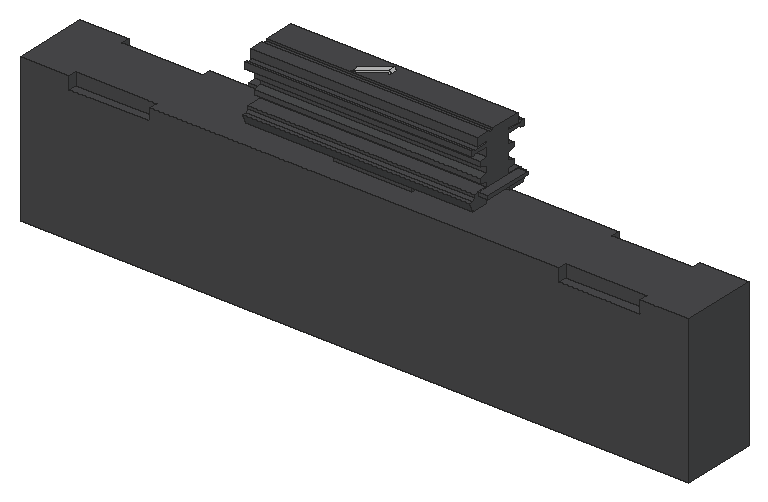
Revit family "DOT SINGLE HEAD RAIL 328_DTM15W3.5.24", category Luminarias, Revit 2019
Family settings
  Cota de conector redondo = Diámetro de uso
  Tipo de pieza = Normal
  Se basa en plano de trabajo = Sí
  Siempre vertical = Sí
  Corte con vacíos al cargar = No
  Origen de luz = Sí
  Compartido = No
  Punto de cálculo de habitación = No
Parameters (values of type "DOT SINGLE HEAD RAIL 328_DTM15W3.5.24")
  Ángulo de inclinación = 60.00°
  Zone [instance] = ""
  Watt per fixture = 15
  Wattage = 15 W
  built-in parameter 1150107 = 3000 (stored number, unit not read)
  built-in parameter 1150110 = 1 (stored number, unit not read)
  built-in parameter 1150109 = 1 (stored number, unit not read)
  built-in parameter 1150112 = 1 (stored number, unit not read)
  built-in parameter 1150113 = 1 (stored number, unit not read)
  built-in parameter 1114218 = 1 (stored number, unit not read)
  Keynote = ""
  built-in parameter 1150137 = (empty or 0)
  built-in parameter 1150132 = (empty or 0)
  Modelo = "DTM15W3.5.24"
  Lámpara = "3030SMD PHILIPS"
  built-in parameter 1150105 = 102.65 (stored number, unit not read)
  built-in parameter 1150102 = (empty or 0)
  built-in parameter 1150106 = 1.0265 (stored number, unit not read)
  Lumens = 1290 lm
  Color Filter = 16777215
  built-in parameter 1114217 = 1 (stored number, unit not read)
  built-in parameter 1150139 = (empty or 0)
  Fabricante = "BRILLANT"
  Default Elevation = 1219.2 mm
  built-in parameter 1150104 = 7.9897 (stored number, unit not read)
  Descripción = "LUMINARIA DOWNLIGHT EN FORMATO RECTANGULAR COMPATIBLE CON RIEL DE 6 ENTRADAS Y 3 CIRCUITOS CON CABEZAL PARA PODER DIRIGIR LA LUMINARIA HASTA 30 GRADOS, CUERPO DE ALUMINIO ACABADO EN COLOR NEGRO, IP 20, PESO 0.86Kg, TIPO DE LED 3030SMD PHILIPS CON 15W TOTAL, 1300 LUMENES, 86LM/W, IRC 90, TEMPERATURA EN BLANCO CALIDO 3000K, 50 MIL HORAS DE VIDA PROMEDIO, APERTURA DE 24 GRADOS EN STOCK, ALIMENTADO A 90-240V"
  built-in parameter 1150115 = 1 (stored number, unit not read)
  built-in parameter 1150114 = 1 (stored number, unit not read)
  Comentarios de vataje = "90-240V"
  built-in parameter 1150138 = (empty or 0)
  built-in parameter 1150134 = (empty or 0)
  Circuit [instance] = ""
  Dimming Lamp Color Temperature Shift = (empty or 0)
  Archivo de red fotométrica = "L328A-15W-830-B-24_IESNA95.IES"
  built-in parameter 1150133 = 10 (stored number, unit not read)
Reference planes
  plane 1 "Centro (Frontal/Posterior)": y = 0
  plane 2: z = 0
  plane 3 "Centro (Izquierda/Derecha)": x = 0
Forms (mm)
  Extrusion 1, solid, material "Default Form"
    sketch origin (0, 0, 0) x (1, 0, 0) y (0, 0, 1)
      loop
        line (-164, 0) -> (-164, -72) -> (164, -72) -> (164, 0) -> (-164, 0)
    from -18.326 to 18.326
  Blend 2, void
    base sketch origin (0, 0, 0) x (1, 0, 0) y (0, 1, 0)
      loop
        line (-162, 16.149) -> (-162, -16.149) -> (-144.14, -16.149) -> (-144.14, 16.149) -> (-162, 16.149)
    top sketch origin (0, 0, 0) x (1, 0, 0) y (0, 1, 0)
      loop
        line (-160, 12.149) -> (-160, -12.149) -> (-146.14, -12.149) -> (-146.14, 12.149) -> (-160, 12.149)
    from -72 to -61.591
  Blend 3, void
    base sketch origin (21.86, 0, 0) x (1, 0, 0) y (0, 1, 0)
      loop
        line (-162, 16.149) -> (-162, -16.149) -> (-144.14, -16.149) -> (-144.14, 16.149) -> (-162, 16.149)
    top sketch origin (21.86, 0, 0) x (1, 0, 0) y (0, 1, 0)
      loop
        line (-160, 12.149) -> (-160, -12.149) -> (-146.14, -12.149) -> (-146.14, 12.149) -> (-160, 12.149)
    from -72 to -61.591
  Blend 4, void
    base sketch origin (43.72, 0, 0) x (1, 0, 0) y (0, 1, 0)
      loop
        line (-162, 16.149) -> (-162, -16.149) -> (-144.14, -16.149) -> (-144.14, 16.149) -> (-162, 16.149)
    top sketch origin (43.72, 0, 0) x (1, 0, 0) y (0, 1, 0)
      loop
        line (-160, 12.149) -> (-160, -12.149) -> (-146.14, -12.149) -> (-146.14, 12.149) -> (-160, 12.149)
    from -72 to -61.591
  Blend 5, void
    base sketch origin (65.58, 0, 0) x (1, 0, 0) y (0, 1, 0)
      loop
        line (-162, 16.149) -> (-162, -16.149) -> (-144.14, -16.149) -> (-144.14, 16.149) -> (-162, 16.149)
    top sketch origin (65.58, 0, 0) x (1, 0, 0) y (0, 1, 0)
      loop
        line (-160, 12.149) -> (-160, -12.149) -> (-146.14, -12.149) -> (-146.14, 12.149) -> (-160, 12.149)
    from -72 to -61.591
  Blend 6, void
    base sketch origin (87.44, 0, 0) x (1, 0, 0) y (0, 1, 0)
      loop
        line (-162, 16.149) -> (-162, -16.149) -> (-144.14, -16.149) -> (-144.14, 16.149) -> (-162, 16.149)
    top sketch origin (87.44, 0, 0) x (1, 0, 0) y (0, 1, 0)
      loop
        line (-160, 12.149) -> (-160, -12.149) -> (-146.14, -12.149) -> (-146.14, 12.149) -> (-160, 12.149)
    from -72 to -61.591
  Blend 7, void
    base sketch origin (109.3, 0, 0) x (1, 0, 0) y (0, 1, 0)
      loop
        line (-162, 16.149) -> (-162, -16.149) -> (-144.14, -16.149) -> (-144.14, 16.149) -> (-162, 16.149)
    top sketch origin (109.3, 0, 0) x (1, 0, 0) y (0, 1, 0)
      loop
        line (-160, 12.149) -> (-160, -12.149) -> (-146.14, -12.149) -> (-146.14, 12.149) -> (-160, 12.149)
    from -72 to -61.591
  Blend 8, void
    base sketch origin (131.16, 0, 0) x (1, 0, 0) y (0, 1, 0)
      loop
        line (-162, 16.149) -> (-162, -16.149) -> (-144.14, -16.149) -> (-144.14, 16.149) -> (-162, 16.149)
    top sketch origin (131.16, 0, 0) x (1, 0, 0) y (0, 1, 0)
      loop
        line (-160, 12.149) -> (-160, -12.149) -> (-146.14, -12.149) -> (-146.14, 12.149) -> (-160, 12.149)
    from -72 to -61.591
  Blend 9, void
    base sketch origin (153.02, 0, 0) x (1, 0, 0) y (0, 1, 0)
      loop
        line (-162, 16.149) -> (-162, -16.149) -> (-144.14, -16.149) -> (-144.14, 16.149) -> (-162, 16.149)
    top sketch origin (153.02, 0, 0) x (1, 0, 0) y (0, 1, 0)
      loop
        line (-160, 12.149) -> (-160, -12.149) -> (-146.14, -12.149) -> (-146.14, 12.149) -> (-160, 12.149)
    from -72 to -61.591
  Blend 10, void
    base sketch origin (174.88, 0, 0) x (1, 0, 0) y (0, 1, 0)
      loop
        line (-162, 16.149) -> (-162, -16.149) -> (-144.14, -16.149) -> (-144.14, 16.149) -> (-162, 16.149)
    top sketch origin (174.88, 0, 0) x (1, 0, 0) y (0, 1, 0)
      loop
        line (-160, 12.149) -> (-160, -12.149) -> (-146.14, -12.149) -> (-146.14, 12.149) -> (-160, 12.149)
    from -72 to -61.591
  Blend 11, void
    base sketch origin (196.74, 0, 0) x (1, 0, 0) y (0, 1, 0)
      loop
        line (-162, 16.149) -> (-162, -16.149) -> (-144.14, -16.149) -> (-144.14, 16.149) -> (-162, 16.149)
    top sketch origin (196.74, 0, 0) x (1, 0, 0) y (0, 1, 0)
      loop
        line (-160, 12.149) -> (-160, -12.149) -> (-146.14, -12.149) -> (-146.14, 12.149) -> (-160, 12.149)
    from -72 to -61.591
  Blend 12, void
    base sketch origin (218.6, 0, 0) x (1, 0, 0) y (0, 1, 0)
      loop
        line (-162, 16.149) -> (-162, -16.149) -> (-144.14, -16.149) -> (-144.14, 16.149) -> (-162, 16.149)
    top sketch origin (218.6, 0, 0) x (1, 0, 0) y (0, 1, 0)
      loop
        line (-160, 12.149) -> (-160, -12.149) -> (-146.14, -12.149) -> (-146.14, 12.149) -> (-160, 12.149)
    from -72 to -61.591
  Blend 13, void
    base sketch origin (240.46, 0, 0) x (1, 0, 0) y (0, 1, 0)
      loop
        line (-162, 16.149) -> (-162, -16.149) -> (-144.14, -16.149) -> (-144.14, 16.149) -> (-162, 16.149)
    top sketch origin (240.46, 0, 0) x (1, 0, 0) y (0, 1, 0)
      loop
        line (-160, 12.149) -> (-160, -12.149) -> (-146.14, -12.149) -> (-146.14, 12.149) -> (-160, 12.149)
    from -72 to -61.591
  Blend 14, void
    base sketch origin (262.32, 0, 0) x (1, 0, 0) y (0, 1, 0)
      loop
        line (-162, 16.149) -> (-162, -16.149) -> (-144.14, -16.149) -> (-144.14, 16.149) -> (-162, 16.149)
    top sketch origin (262.32, 0, 0) x (1, 0, 0) y (0, 1, 0)
      loop
        line (-160, 12.149) -> (-160, -12.149) -> (-146.14, -12.149) -> (-146.14, 12.149) -> (-160, 12.149)
    from -72 to -61.591
  Blend 15, void
    base sketch origin (284.18, 0, 0) x (1, 0, 0) y (0, 1, 0)
      loop
        line (-162, 16.149) -> (-162, -16.149) -> (-144.14, -16.149) -> (-144.14, 16.149) -> (-162, 16.149)
    top sketch origin (284.18, 0, 0) x (1, 0, 0) y (0, 1, 0)
      loop
        line (-160, 12.149) -> (-160, -12.149) -> (-146.14, -12.149) -> (-146.14, 12.149) -> (-160, 12.149)
    from -72 to -61.591
  Blend 16, void
    base sketch origin (306.04, 0, 0) x (1, 0, 0) y (0, 1, 0)
      loop
        line (-162, 16.149) -> (-162, -16.149) -> (-144.14, -16.149) -> (-144.14, 16.149) -> (-162, 16.149)
    top sketch origin (306.04, 0, 0) x (1, 0, 0) y (0, 1, 0)
      loop
        line (-160, 12.149) -> (-160, -12.149) -> (-146.14, -12.149) -> (-146.14, 12.149) -> (-160, 12.149)
    from -72 to -61.591
  Extrusion 17, solid, material "Default Form"
    sketch origin (-55.628, 0, 7.5) x (0, 1, 0) y (0, 0, 1)
      loop
        line (-7.273, 1.74) -> (7.273, 1.74) -> (7.273, 0) -> (15.231, 0) -> (17.006, 4.494) -> (15.021, 4.494) -> (14.058, 5.868) -> (14.058, 7.166) -> (6.473, 7.166) -> (6.473, 9.324) -> (10.169, 10.163) -> (10.169, 12.464) -> (6.473, 13.302) -> (6.473, 16.66) -> (10.169, 17.499) -> (10.169, 19.8) -> (6.473, 20.638) -> (6.473, 25.016) -> (13.839, 25.016) -> (14.514, 24.341) -> (15.775, 24.341) -> (15.775, 27.171) -> (14.73, 27.171) -> (14.058, 26.499) -> (6.473, 26.499) -> (6.473, 27.299) -> (12.377, 27.299) -> (12.377, 31.471) -> (-2.744, 31.471) -> (-2.744, 30.671) -> (-5.514, 30.671) -> (-5.514, 31.471) -> (-12.377, 31.471) -> (-12.377, 27.299) -> (-6.473, 27.299) -> (-6.473, 26.499) -> (-14.058, 26.499) -> (-14.73, 27.171) -> (-15.775, 27.171) -> (-15.775, 24.341) -> (-14.514, 24.341) -> (-13.839, 25.016) -> (-6.473, 25.016) -> (-6.473, 20.638) -> (-10.169, 19.8) -> (-10.169, 17.499) -> (-6.473, 16.66) -> (-6.473, 13.302) -> (-10.169, 12.464) -> (-10.169, 10.163) -> (-6.473, 9.324) -> (-6.473, 7.166) -> (-14.058, 7.166) -> (-14.058, 5.868) -> (-15.021, 4.494) -> (-17.006, 4.494) -> (-15.231, 0) -> (-7.273, 0) -> (-7.273, 1.74)
    from 0 to 111.256
  Extrusion 18, solid, material "Default Form"
    sketch origin (0, 0, 0) x (1, 0, 0) y (0, 1, 0)
      loop
        line (-19.12, 6.873) -> (-19.12, -6.873) -> (19.12, -6.873) -> (19.12, 6.873) -> (-19.12, 6.873)
    from 0 to 2.67
  Extrusion 19, solid, material "Default Form"
    sketch origin (0, 0, 0) x (1, 0, 0) y (0, 1, 0)
      loop
        line (-10.93, 3.188) -> (-10.93, -3.188) -> (10.93, -3.188) -> (10.93, 3.188) -> (-10.93, 3.188)
    from 2.67 to 7.5
  Extrusion 20, void
    sketch origin (0, 0, 0) x (1, 0, 0) y (0, 1, 0)
      loop
        line (-140.14, 18.326) -> (-140.14, 14.276) -> (-100.42, 14.276) -> (-100.42, 18.326) -> (-140.14, 18.326)
      loop
        line (-140.14, -18.326) -> (-100.42, -18.326) -> (-100.42, -14.276) -> (-140.14, -14.276) -> (-140.14, -18.326)
      loop
        line (140.14, -18.326) -> (140.14, -14.276) -> (100.42, -14.276) -> (100.42, -18.326) -> (140.14, -18.326)
      loop
        line (140.14, 18.326) -> (100.42, 18.326) -> (100.42, 14.276) -> (140.14, 14.276) -> (140.14, 18.326)
    from -6.015 to 0
  Extrusion 21, solid, material "Acero Inoxidable"
    sketch origin (0, -1.594, 0) x (1, 0, 0) y (0, 0, -1)
      loop
        line (-15, -38.971) -> (3.794, -45.811) -> (4.341, -44.308) -> (3.589, -44.034) -> (3.316, -44.786) -> (-12.661, -38.971) -> (-15, -38.971)
    from 0 to 3.188
  Extrusion 22, solid, material "Default Form"
    sketch origin (0, 0, 0) x (1, 0, 0) y (0, 1, 0)
      loop
        line (-55.628, 6.473) -> (-66.331, 6.473) -> (-66.331, 0) -> (-55.628, 0) -> (-55.628, 6.473)
      loop
        line (55.628, 12.377) -> (55.628, -12.149) -> (60.628, -12.149) -> (60.628, 12.377) -> (55.628, 12.377)
    from 13.368 to 15
Cuts and joins
  Blend 2, Blend 3, Blend 4, Blend 5, Blend 6, Blend 7, Blend 8, Blend 9, Blend 10, Blend 11, Blend 12, Blend 13, Blend 14, Blend 15, Blend 16, Extrusion 20 cuts Extrusion 1
Dimensions and locks
  equal spacing: Extrusion 1, plane 1 "Centro (Frontal/Posterior)", Extrusion 1
  Extrusion 1 to plane 1 "Centro (Frontal/Posterior)" = 18.326 mm
  Extrusion 1 to Extrusion 1 = 36.651 mm
  Extrusion 1 to Extrusion 1 = 72 mm
  Extrusion 1 to Extrusion 1 = 328 mm
  equal spacing: group 1, group 2, group 3, group 4, group 5, group 6, group 7, group 8, group 9, group 10, group 11, group 12, group 13, group 14  (x3)
  cut or joined group 1 (Extrusion 1, Blend 2, Blend 3, Blend 4, Blend 5, Blend 6, Blend 7, Blend 8, Blend 9, Blend 10, Blend 11, Blend 12, Blend 13, Blend 14, Blend 15, Blend 16, Extrusion 20) to cut or joined group 1 = 72 mm
  cut or joined group 1 to cut or joined group 1 = 36.651 mm
  cut or joined group 1 to cut or joined group 1 = 328 mm
  equal spacing: cut or joined group 1, plane 1 "Centro (Frontal/Posterior)", cut or joined group 1
  locked: cut or joined group 1 to cut or joined group 1 at 23.86  (x2)
  aligned and locked: level to plane 2
  aligned and locked: Extrusion 19 to Extrusion 17
  aligned and locked: Extrusion 19 to Extrusion 18
Automatic sketch dimensions
  Blend 3 sketch curve to Blend 3 sketch curve = 17.86 mm
  Blend 3 sketch curve to Blend 3 sketch curve = 13.86 mm
  Blend 3 sketch curve to Blend 3 sketch curve = 32.298 mm
  Blend 3 sketch curve to Blend 3 sketch curve = 24.298 mm
  Blend 4 sketch curve to Blend 4 sketch curve = 17.86 mm
  Blend 4 sketch curve to Blend 4 sketch curve = 13.86 mm
  Blend 4 sketch curve to Blend 4 sketch curve = 32.298 mm
  Blend 4 sketch curve to Blend 4 sketch curve = 24.298 mm
  Blend 5 sketch curve to Blend 5 sketch curve = 17.86 mm
  Blend 5 sketch curve to Blend 5 sketch curve = 13.86 mm
  Blend 5 sketch curve to Blend 5 sketch curve = 32.298 mm
  Blend 5 sketch curve to Blend 5 sketch curve = 24.298 mm
  Blend 6 sketch curve to Blend 6 sketch curve = 17.86 mm
  Blend 6 sketch curve to Blend 6 sketch curve = 13.86 mm
  Blend 6 sketch curve to Blend 6 sketch curve = 32.298 mm
  Blend 6 sketch curve to Blend 6 sketch curve = 24.298 mm
  Blend 7 sketch curve to Blend 7 sketch curve = 17.86 mm
  Blend 7 sketch curve to Blend 7 sketch curve = 13.86 mm
  Blend 7 sketch curve to Blend 7 sketch curve = 32.298 mm
  Blend 7 sketch curve to Blend 7 sketch curve = 24.298 mm
  Blend 8 sketch curve to Blend 8 sketch curve = 17.86 mm
  Blend 8 sketch curve to Blend 8 sketch curve = 13.86 mm
  Blend 8 sketch curve to Blend 8 sketch curve = 32.298 mm
  Blend 8 sketch curve to Blend 8 sketch curve = 24.298 mm
  Blend 9 sketch curve to Blend 9 sketch curve = 17.86 mm
  Blend 9 sketch curve to Blend 9 sketch curve = 13.86 mm
  Blend 9 sketch curve to Blend 9 sketch curve = 32.298 mm
  Blend 9 sketch curve to Blend 9 sketch curve = 24.298 mm
  Blend 10 sketch curve to Blend 10 sketch curve = 17.86 mm
  Blend 10 sketch curve to Blend 10 sketch curve = 13.86 mm
  Blend 10 sketch curve to Blend 10 sketch curve = 32.298 mm
  Blend 10 sketch curve to Blend 10 sketch curve = 24.298 mm
  Blend 11 sketch curve to Blend 11 sketch curve = 17.86 mm
  Blend 11 sketch curve to Blend 11 sketch curve = 13.86 mm
  Blend 11 sketch curve to Blend 11 sketch curve = 32.298 mm
  Blend 11 sketch curve to Blend 11 sketch curve = 24.298 mm
  Blend 12 sketch curve to Blend 12 sketch curve = 17.86 mm
  Blend 12 sketch curve to Blend 12 sketch curve = 13.86 mm
  Blend 12 sketch curve to Blend 12 sketch curve = 32.298 mm
  Blend 12 sketch curve to Blend 12 sketch curve = 24.298 mm
  Blend 13 sketch curve to Blend 13 sketch curve = 17.86 mm
  Blend 13 sketch curve to Blend 13 sketch curve = 13.86 mm
  Blend 13 sketch curve to Blend 13 sketch curve = 32.298 mm
  Blend 13 sketch curve to Blend 13 sketch curve = 24.298 mm
  Blend 14 sketch curve to Blend 14 sketch curve = 17.86 mm
  Blend 14 sketch curve to Blend 14 sketch curve = 13.86 mm
  Blend 14 sketch curve to Blend 14 sketch curve = 32.298 mm
  Blend 14 sketch curve to Blend 14 sketch curve = 24.298 mm
  Blend 15 sketch curve to Blend 15 sketch curve = 17.86 mm
  Blend 15 sketch curve to Blend 15 sketch curve = 13.86 mm
  Blend 15 sketch curve to Blend 15 sketch curve = 32.298 mm
  Blend 15 sketch curve to Blend 15 sketch curve = 24.298 mm
  Blend 16 sketch curve to Blend 16 sketch curve = 17.86 mm
  Blend 16 sketch curve to Blend 16 sketch curve = 13.86 mm
  Blend 16 sketch curve to Blend 16 sketch curve = 32.298 mm
  Blend 16 sketch curve to Blend 16 sketch curve = 24.298 mm
  Extrusion 1 sketch curve to level = 0 mm
  Extrusion 1 sketch curve to level = 72 mm
  Extrusion 1 sketch curve to plane 3 "Centro (Izquierda/Derecha)" = 164 mm
  plane 3 "Centro (Izquierda/Derecha)" to Extrusion 1 sketch curve = 164 mm
  Blend 2 sketch curve to plane 1 "Centro (Frontal/Posterior)" = 16.149 mm
  Blend 2 sketch curve to plane 3 "Centro (Izquierda/Derecha)" = 162 mm
  Blend 2 sketch curve to Blend 2 sketch curve = 17.86 mm
  plane 1 "Centro (Frontal/Posterior)" to Blend 2 sketch curve = 16.149 mm
  Blend 2 sketch curve to plane 1 "Centro (Frontal/Posterior)" = 12.149 mm
  Blend 2 sketch curve to plane 3 "Centro (Izquierda/Derecha)" = 160 mm
  Blend 2 sketch curve to Blend 2 sketch curve = 13.86 mm
  plane 1 "Centro (Frontal/Posterior)" to Blend 2 sketch curve = 12.149 mm
  plane 1 "Centro (Frontal/Posterior)" to Extrusion 17 sketch curve = 17.006 mm
  plane 1 "Centro (Frontal/Posterior)" to Extrusion 17 sketch curve = 15.775 mm
  level to Extrusion 17 sketch curve = 7.5 mm  (x2)
  Extrusion 17 sketch curve to Extrusion 17 sketch curve = 1.775 mm
  Extrusion 17 sketch curve to Extrusion 17 sketch curve = 1.985 mm  (x2)
  Extrusion 17 sketch curve to Extrusion 17 sketch curve = 1.045 mm
  Extrusion 17 sketch curve to Extrusion 17 sketch curve = 1.261 mm  (x2)
  Extrusion 17 sketch curve to Extrusion 17 sketch curve = 0.963 mm  (x2)
  Extrusion 17 sketch curve to Extrusion 17 sketch curve = 0.672 mm  (x4)
  Extrusion 17 sketch curve to Extrusion 17 sketch curve = 0.675 mm  (x3)
  Extrusion 17 sketch curve to Extrusion 17 sketch curve = 2.354 mm
  Extrusion 17 sketch curve to Extrusion 17 sketch curve = 4.345 mm
  Extrusion 17 sketch curve to Extrusion 17 sketch curve = 3.89 mm  (x2)
  plane 1 "Centro (Frontal/Posterior)" to Extrusion 17 sketch curve = 7.273 mm
  Extrusion 17 sketch curve to Extrusion 17 sketch curve = 3.696 mm  (x4)
  Extrusion 17 sketch curve to Extrusion 17 sketch curve = 5.904 mm  (x2)
  Extrusion 17 sketch curve to Extrusion 17 sketch curve = 0 mm  (x3)
  Extrusion 17 sketch curve to Extrusion 17 sketch curve = 0.959 mm
  plane 1 "Centro (Frontal/Posterior)" to Extrusion 17 sketch curve = 2.744 mm
  Extrusion 17 sketch curve to plane 1 "Centro (Frontal/Posterior)" = 6.473 mm  (x2)
  Extrusion 17 sketch curve to Extrusion 17 sketch curve = 0.8 mm  (x3)
  Extrusion 17 sketch curve to Extrusion 17 sketch curve = 1.462 mm
  Extrusion 17 sketch curve to Extrusion 17 sketch curve = 0.22 mm
  Extrusion 17 sketch curve to Extrusion 17 sketch curve = 0.21 mm
  Extrusion 17 sketch curve to Extrusion 17 sketch curve = 1.74 mm
  Extrusion 17 sketch curve to Extrusion 17 sketch curve = 4.494 mm  (x2)
  Extrusion 17 sketch curve to Extrusion 17 sketch curve = 1.375 mm  (x2)
  Extrusion 17 sketch curve to Extrusion 17 sketch curve = 5.426 mm  (x2)
  Extrusion 17 sketch curve to Extrusion 17 sketch curve = 2.158 mm  (x2)
  Extrusion 17 sketch curve to Extrusion 17 sketch curve = 0.839 mm  (x8)
  Extrusion 17 sketch curve to Extrusion 17 sketch curve = 2.301 mm  (x4)
  Extrusion 17 sketch curve to Extrusion 17 sketch curve = 3.358 mm  (x2)
  Extrusion 17 sketch curve to Extrusion 17 sketch curve = 4.541 mm  (x2)
  Extrusion 17 sketch curve to Extrusion 17 sketch curve = 4.378 mm
  Extrusion 17 sketch curve to Extrusion 17 sketch curve = 1.483 mm  (x2)
  Extrusion 17 sketch curve to Extrusion 17 sketch curve = 3.372 mm
  Extrusion 17 sketch curve to Extrusion 17 sketch curve = 4.172 mm  (x2)
  plane 1 "Centro (Frontal/Posterior)" to Extrusion 18 sketch curve = 6.873 mm
  Extrusion 18 sketch curve to plane 3 "Centro (Izquierda/Derecha)" = 19.12 mm
  plane 3 "Centro (Izquierda/Derecha)" to Extrusion 18 sketch curve = 19.12 mm
  Extrusion 18 sketch curve to plane 1 "Centro (Frontal/Posterior)" = 6.873 mm
  plane 1 "Centro (Frontal/Posterior)" to Extrusion 19 sketch curve = 3.188 mm
  Extrusion 19 sketch curve to plane 3 "Centro (Izquierda/Derecha)" = 10.93 mm
  plane 3 "Centro (Izquierda/Derecha)" to Extrusion 19 sketch curve = 10.93 mm
  Extrusion 19 sketch curve to plane 1 "Centro (Frontal/Posterior)" = 3.188 mm
  Extrusion 20 sketch curve to plane 1 "Centro (Frontal/Posterior)" = 18.326 mm
  Extrusion 20 sketch curve to plane 3 "Centro (Izquierda/Derecha)" = 140.14 mm
  Extrusion 20 sketch curve to Extrusion 20 sketch curve = 0 mm  (x4)
  plane 1 "Centro (Frontal/Posterior)" to Extrusion 20 sketch curve = 18.326 mm
  Extrusion 20 sketch curve to Extrusion 20 sketch curve = 39.72 mm  (x2)
  Extrusion 20 sketch curve to plane 1 "Centro (Frontal/Posterior)" = 14.276 mm
  plane 3 "Centro (Izquierda/Derecha)" to Extrusion 20 sketch curve = 100.42 mm
  plane 1 "Centro (Frontal/Posterior)" to Extrusion 20 sketch curve = 14.276 mm
  Extrusion 20 sketch curve to Extrusion 20 sketch curve = 4.049 mm  (x4)
  Extrusion 21 sketch curve to plane 3 "Centro (Izquierda/Derecha)" = 15 mm
  Extrusion 21 sketch curve to Extrusion 21 sketch curve = 2.339 mm
  plane 3 "Centro (Izquierda/Derecha)" to Extrusion 21 sketch curve = 3.316 mm
  Extrusion 21 sketch curve to Extrusion 21 sketch curve = 0.274 mm
  Extrusion 21 sketch curve to Extrusion 21 sketch curve = 0.478 mm
  Extrusion 21 sketch curve to Extrusion 21 sketch curve = 0.752 mm
  level to Extrusion 21 sketch curve = 45.811 mm
  plane 1 "Centro (Frontal/Posterior)" to Extrusion 22 sketch curve = 0 mm
  Extrusion 22 sketch curve to plane 1 "Centro (Frontal/Posterior)" = 6.473 mm
  Extrusion 22 sketch curve to plane 3 "Centro (Izquierda/Derecha)" = 66.331 mm
  Extrusion 22 sketch curve to Extrusion 22 sketch curve = 10.703 mm
  Extrusion 22 sketch curve to plane 1 "Centro (Frontal/Posterior)" = 12.377 mm
  plane 3 "Centro (Izquierda/Derecha)" to Extrusion 22 sketch curve = 55.628 mm
  Extrusion 22 sketch curve to Extrusion 22 sketch curve = 5 mm
  plane 1 "Centro (Frontal/Posterior)" to Extrusion 22 sketch curve = 12.149 mm
Connectors
  electrical at (0, 0, 0)
    settings: on cut or joined group 1, index 1, voltage 240 V, apparent load 0 VA, apparent load phase1 0 VA, apparent load phase2 0 VA, apparent load phase3 0 VA, power factor 1, load classification "Otro", number of poles 1, system type 31, power factor state 1, is connector primary yes, connector utility no, sub classification motor no, connector description ""
